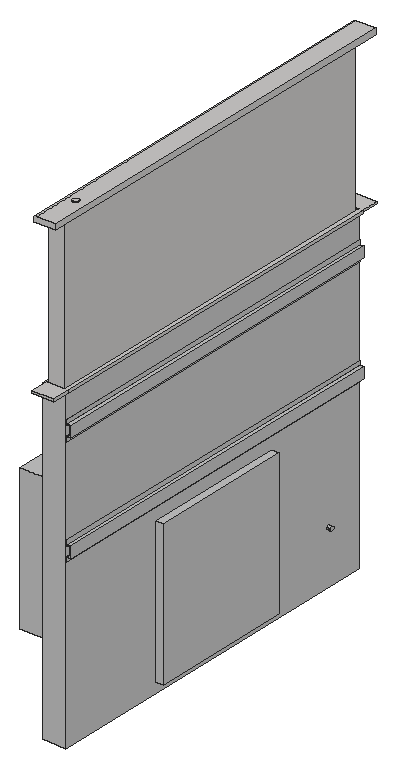
Revit family "FP_Revit_18_HC36_Downdraft_90001868A", category Specialty Equipment, Revit 2018
Family settings
  Round Connector Dimension = Use Radius
  Part Type = Normal
  OmniClass Number = 23.40.40.00
  OmniClass Title = Food Service Equipment and Furnishings
  Work Plane-Based = No
  Always vertical = Yes
  Cut with Voids When Loaded = Yes
  Shared = No
  Room Calculation Point = No
Parameters (values of type "HD36 without Blower")
  Visibility - Clearance Required = yes
  Visibility - Blower (HB600I) [instance] = yes
  URL = "www.fisherpaykel.com"
  Product - Width = 108 mm  # constant formula
  Product - Height (749mm - 1093mm) [instance] = 1093 mm
  Product - Depth = 922 mm  # constant formula
  Visibility - Outlet Front [instance] = no
  Visibility - Outlet Down [instance] = no
  Visibility - Outlet Back [instance] = yes
  Model = "HD36 Downdraft"
  Material - Trim = Fisher & Paykel - Stainless Steel
  Material - Body = Fisher & Paykel - Grey
  Manufacturer = "Fisher & Paykel Appliances"
  Keynote = ""
  FFL Offset [instance] = 915 mm
  Description = ""
  Countertop Thickness [instance] = 20 mm
  Connector Description - Extraction = "10” (254 mm) ducting, 1200 CFM"
  Connector Description - Electrical (Downdraft) = "120 V, 60 Hz, 15 Amp fused circuit"
  Connector Description - Electrical (Blower HBD600I) = "120 V, 60 Hz, 2.8 A"
  Chassis - Width = 54 mm  # constant formula
  Chassis - Height = 730 mm  # constant formula
  Chassis - Depth = 838 mm  # constant formula
  Cavity - Width = 343 mm  # constant formula
  Cavity - Depth = 851 mm  # constant formula
Types (5, lengths in mm): name | Visibility - Outlet Front | Visibility - Outlet Down | Visibility - Outlet Back | Model | Connector Description - Extraction
  (no name) | no | no | yes | "HD36 Downdraft" | "10” (254 mm) ducting, 1200 CFM"
  HD36 with Blower HBD600I (Outlet Down) | no | yes | no | "HD36 Downdraft with Internal Blower HBD600I" | "6” (152 mm) ducting, 600 CFM"
  HD36 with Blower HBD600I (Outlet Front) | yes | no | no | "HD36 Downdraft with Internal Blower HBD600I" | "6” (152 mm) ducting, 600 CFM"
  HD36 without Blower | no | no | yes | "HD36 Downdraft" | "10” (254 mm) ducting, 1200 CFM"
  HD36 with Blower HBD600I (Outlet Back) | no | no | yes | "HD36 Downdraft with Internal Blower HBD600I" | "6” (152 mm) ducting, 600 CFM"
Reference planes
  plane 1 "Datum": y = 0
  plane 2: z = 0
  plane 3 "Center (Left/Right)": x = 0
  plane 4 "Product - Front": x = -61.2
  plane 5 "Product - Back": x = 46.4
  plane 6 "Product - RHS": y = 461
  plane 7 "Cavity - Back": x = 52
  plane 8 "Cavity - RHS": y = 425.5
  plane 9 "Chassis - Front": x = -27
  plane 10 "Chassis - Back": x = 27
  plane 11 "Countertop": z = 915
  plane 12 "Product - LHS": y = -461
  plane 13 "Cavity - LHS": y = -425.5
  plane 14 "Up/Down": z = 1278
  plane 15 "Cooktop Glass": x = -17.5
  plane 16 "Cavity - Front": x = -291
  plane 17 "Bottom": z = 185
Forms (mm)
  Extrusion 1, solid, material "Fisher & Paykel - Grey" <- "Material - Body"
    sketch origin (0, 0, 0) x (1, 0, 0) y (0, 0, 1)
      loop
        line (27, 185) -> (27, 915) -> (-27, 915) -> (-27, 185) -> (27, 185)
    from -419 to 419
  Extrusion 2, solid, material "Fisher & Paykel - Grey" <- "Material - Body"
    sketch origin (0, 0, 0) x (1, 0, 0) y (0, 0, 1)
      loop
        line (27, 859.5) -> (27, 847.5) -> (35, 847.5) -> (35, 826.5) -> (27, 826.5) -> (27, 814.5) -> (29, 814.5) -> (29, 824.5) -> (37, 824.5) -> (37, 849.5) -> (29, 849.5) -> (29, 859.5) -> (27, 859.5)
      loop
        line (27, 612.5) -> (27, 600.5) -> (35, 600.5) -> (35, 579.5) -> (27, 579.5) -> (27, 567.5) -> (29, 567.5) -> (29, 577.5) -> (37, 577.5) -> (37, 602.5) -> (29, 602.5) -> (29, 612.5) -> (27, 612.5)
    from -419 to 419
  Extrusion 3, solid, material "Fisher & Paykel - Grey" <- "Material - Body"
    sketch origin (0, 0, 0) x (0, 1, 0) y (0, 0, 1)
      loop
        line (-165, 540) -> (-165, 210) -> (165, 210) -> (165, 540) -> (-165, 540)
    from 27 to 46.4
  Extrusion 4, solid, material "Fisher & Paykel - Grey" <- "Material - Body", detail levels fine
    sketch origin (229.237, 0, 0) x (0, 1, 0) y (0, 0, 1)
      loop
        line (259, 355) -> (259, 220) -> (394, 220) -> (394, 355) -> (259, 355)
      loop
        line (-184, 405) -> (-319, 405) -> (-319, 235) -> (-184, 235) -> (-184, 405)
    from -266.237 to -256.237
  Extrusion 5, solid, material "Fisher & Paykel - Grey" <- "Material - Body"
    sketch origin (229.237, 0, 0) x (0, 1, 0) y (0, 0, 1)
      loop
        line (165, 540) -> (-165, 540) -> (-165, 210) -> (165, 210) -> (165, 540)
      loop
        circle (0, 375) r 127.013
    from -273.437 to -256.237
  Extrusion 6, solid, material "Fisher & Paykel - Grey" <- "Material - Body"
    sketch origin (229.237, 0, 1000) x (0, 1, 0) y (0, 0, 1)
      loop
        circle (0, -625) r 127.013
      loop
        circle (0, -625) r 125
    from -290.437 to -273.437
  Extrusion 7, solid, material "Fisher & Paykel - Stainless Steel" <- "Material - Trim", detail levels medium+fine
    sketch origin (0, 0, 0) x (1, 0, 0) y (0, 1, 0)
      loop
        line (-17.5, -461) -> (32.5, -461) -> (32.5, -419) -> (34, -419) -> (34, 419) -> (32.5, 419) -> (32.5, 461) -> (-17.5, 461) -> (-17.5, 419) -> (25, 419) -> (25, -419) -> (-17.5, -419) -> (-17.5, -461)
    from 915 to 921
  Extrusion 8, solid, material "Fisher & Paykel - Stainless Steel" <- "Material - Trim"
    sketch origin (0, 0, 0) x (1, 0, 0) y (0, 1, 0)
      loop
        line (20.5, 413.5) -> (-17.5, 413.5) -> (-17.5, -413.5) -> (20.5, -413.5) -> (20.5, 413.5)
    from 185 to 1265
  Extrusion 9, solid, material "Fisher & Paykel - Stainless Steel" <- "Material - Trim"
    sketch origin (0, 0, 0) x (1, 0, 0) y (0, 0, 1)
      loop
        line (33.5, 1265) -> (33.5, 1278) -> (-10.549, 1278)
        arc (-10.549, 1278) -> (-15.464, 1275.964) -> (-17.5, 1271.049) r 6.951
        line (-17.5, 1271.049) -> (-17.5, 1265) -> (33.5, 1265)
    from -457 to 457
  Extrusion 10, void
    sketch origin (0, 0, 0) x (0, 1, 0) y (0, 0, 1)
      loop
        line (-391.5, 1250) -> (-391.5, 930) -> (391.5, 930) -> (391.5, 1250) -> (-391.5, 1250)
    from -17.5 to -16.5
  Extrusion 11, void
    sketch origin (229.237, 0, 0) x (0, 1, 0) y (0, 0, 1)
      loop
        line (380.5, 1091.5) -> (380.5, 1201.5)
        arc (380.5, 1201.5) -> (375.5, 1206.5) -> (370.5, 1201.5) r 5
        line (370.5, 1201.5) -> (370.5, 1091.5)
        arc (370.5, 1091.5) -> (375.5, 1086.5) -> (380.5, 1091.5) r 5
      loop
        line (356.5, 1091.5) -> (356.5, 1201.5)
        arc (356.5, 1201.5) -> (351.5, 1206.5) -> (346.5, 1201.5) r 5
        line (346.5, 1201.5) -> (346.5, 1091.5)
        arc (346.5, 1091.5) -> (351.5, 1086.5) -> (356.5, 1091.5) r 5
      loop
        line (332.5, 1091.5) -> (332.5, 1201.5)
        arc (332.5, 1201.5) -> (327.5, 1206.5) -> (322.5, 1201.5) r 5
        line (322.5, 1201.5) -> (322.5, 1091.5)
        arc (322.5, 1091.5) -> (327.5, 1086.5) -> (332.5, 1091.5) r 5
      loop
        line (308.5, 1091.5) -> (308.5, 1201.5)
        arc (308.5, 1201.5) -> (303.5, 1206.5) -> (298.5, 1201.5) r 5
        line (298.5, 1201.5) -> (298.5, 1091.5)
        arc (298.5, 1091.5) -> (303.5, 1086.5) -> (308.5, 1091.5) r 5
      loop
        line (260.5, 1091.5) -> (260.5, 1201.5)
        arc (260.5, 1201.5) -> (255.5, 1206.5) -> (250.5, 1201.5) r 5
        line (250.5, 1201.5) -> (250.5, 1091.5)
        arc (250.5, 1091.5) -> (255.5, 1086.5) -> (260.5, 1091.5) r 5
      loop
        line (236.5, 1091.5) -> (236.5, 1201.5)
        arc (236.5, 1201.5) -> (231.5, 1206.5) -> (226.5, 1201.5) r 5
        line (226.5, 1201.5) -> (226.5, 1091.5)
        arc (226.5, 1091.5) -> (231.5, 1086.5) -> (236.5, 1091.5) r 5
      loop
        line (212.5, 1091.5) -> (212.5, 1201.5)
        arc (212.5, 1201.5) -> (207.5, 1206.5) -> (202.5, 1201.5) r 5
        line (202.5, 1201.5) -> (202.5, 1091.5)
        arc (202.5, 1091.5) -> (207.5, 1086.5) -> (212.5, 1091.5) r 5
      loop
        line (188.5, 1091.5) -> (188.5, 1201.5)
        arc (188.5, 1201.5) -> (183.5, 1206.5) -> (178.5, 1201.5) r 5
        line (178.5, 1201.5) -> (178.5, 1091.5)
        arc (178.5, 1091.5) -> (183.5, 1086.5) -> (188.5, 1091.5) r 5
      loop
        line (284.5, 1091.5) -> (284.5, 1201.5)
        arc (284.5, 1201.5) -> (279.5, 1206.5) -> (274.5, 1201.5) r 5
        line (274.5, 1201.5) -> (274.5, 1091.5)
        arc (274.5, 1091.5) -> (279.5, 1086.5) -> (284.5, 1091.5) r 5
      loop
        line (164.5, 1091.5) -> (164.5, 1201.5)
        arc (164.5, 1201.5) -> (159.5, 1206.5) -> (154.5, 1201.5) r 5
        line (154.5, 1201.5) -> (154.5, 1091.5)
        arc (154.5, 1091.5) -> (159.5, 1086.5) -> (164.5, 1091.5) r 5
      loop
        line (140.5, 1091.5) -> (140.5, 1201.5)
        arc (140.5, 1201.5) -> (135.5, 1206.5) -> (130.5, 1201.5) r 5
        line (130.5, 1201.5) -> (130.5, 1091.5)
        arc (130.5, 1091.5) -> (135.5, 1086.5) -> (140.5, 1091.5) r 5
      loop
        line (92.5, 1091.5) -> (92.5, 1201.5)
        arc (92.5, 1201.5) -> (87.5, 1206.5) -> (82.5, 1201.5) r 5
        line (82.5, 1201.5) -> (82.5, 1091.5)
        arc (82.5, 1091.5) -> (87.5, 1086.5) -> (92.5, 1091.5) r 5
      loop
        line (68.5, 1091.5) -> (68.5, 1201.5)
        arc (68.5, 1201.5) -> (63.5, 1206.5) -> (58.5, 1201.5) r 5
        line (58.5, 1201.5) -> (58.5, 1091.5)
        arc (58.5, 1091.5) -> (63.5, 1086.5) -> (68.5, 1091.5) r 5
      loop
        line (44.5, 1091.5) -> (44.5, 1201.5)
        arc (44.5, 1201.5) -> (39.5, 1206.5) -> (34.5, 1201.5) r 5
        line (34.5, 1201.5) -> (34.5, 1091.5)
        arc (34.5, 1091.5) -> (39.5, 1086.5) -> (44.5, 1091.5) r 5
      loop
        line (20.5, 1091.5) -> (20.5, 1201.5)
        arc (20.5, 1201.5) -> (15.5, 1206.5) -> (10.5, 1201.5) r 5
        line (10.5, 1201.5) -> (10.5, 1091.5)
        arc (10.5, 1091.5) -> (15.5, 1086.5) -> (20.5, 1091.5) r 5
      loop
        line (116.5, 1091.5) -> (116.5, 1201.5)
        arc (116.5, 1201.5) -> (111.5, 1206.5) -> (106.5, 1201.5) r 5
        line (106.5, 1201.5) -> (106.5, 1091.5)
        arc (106.5, 1091.5) -> (111.5, 1086.5) -> (116.5, 1091.5) r 5
      loop
        arc (-380.5, 1091.5) -> (-375.5, 1086.5) -> (-370.5, 1091.5) r 5
        line (-370.5, 1091.5) -> (-370.5, 1201.5)
        arc (-370.5, 1201.5) -> (-375.5, 1206.5) -> (-380.5, 1201.5) r 5
        line (-380.5, 1201.5) -> (-380.5, 1091.5)
      loop
        arc (-356.5, 1091.5) -> (-351.5, 1086.5) -> (-346.5, 1091.5) r 5
        line (-346.5, 1091.5) -> (-346.5, 1201.5)
        arc (-346.5, 1201.5) -> (-351.5, 1206.5) -> (-356.5, 1201.5) r 5
        line (-356.5, 1201.5) -> (-356.5, 1091.5)
      loop
        arc (-332.5, 1091.5) -> (-327.5, 1086.5) -> (-322.5, 1091.5) r 5
        line (-322.5, 1091.5) -> (-322.5, 1201.5)
        arc (-322.5, 1201.5) -> (-327.5, 1206.5) -> (-332.5, 1201.5) r 5
        line (-332.5, 1201.5) -> (-332.5, 1091.5)
      loop
        arc (-308.5, 1091.5) -> (-303.5, 1086.5) -> (-298.5, 1091.5) r 5
        line (-298.5, 1091.5) -> (-298.5, 1201.5)
        arc (-298.5, 1201.5) -> (-303.5, 1206.5) -> (-308.5, 1201.5) r 5
        line (-308.5, 1201.5) -> (-308.5, 1091.5)
      loop
        arc (-260.5, 1091.5) -> (-255.5, 1086.5) -> (-250.5, 1091.5) r 5
        line (-250.5, 1091.5) -> (-250.5, 1201.5)
        arc (-250.5, 1201.5) -> (-255.5, 1206.5) -> (-260.5, 1201.5) r 5
        line (-260.5, 1201.5) -> (-260.5, 1091.5)
      loop
        arc (-236.5, 1091.5) -> (-231.5, 1086.5) -> (-226.5, 1091.5) r 5
        line (-226.5, 1091.5) -> (-226.5, 1201.5)
        arc (-226.5, 1201.5) -> (-231.5, 1206.5) -> (-236.5, 1201.5) r 5
        line (-236.5, 1201.5) -> (-236.5, 1091.5)
      loop
        arc (-212.5, 1091.5) -> (-207.5, 1086.5) -> (-202.5, 1091.5) r 5
        line (-202.5, 1091.5) -> (-202.5, 1201.5)
        arc (-202.5, 1201.5) -> (-207.5, 1206.5) -> (-212.5, 1201.5) r 5
        line (-212.5, 1201.5) -> (-212.5, 1091.5)
      loop
        arc (-188.5, 1091.5) -> (-183.5, 1086.5) -> (-178.5, 1091.5) r 5
        line (-178.5, 1091.5) -> (-178.5, 1201.5)
        arc (-178.5, 1201.5) -> (-183.5, 1206.5) -> (-188.5, 1201.5) r 5
        line (-188.5, 1201.5) -> (-188.5, 1091.5)
      loop
        arc (-284.5, 1091.5) -> (-279.5, 1086.5) -> (-274.5, 1091.5) r 5
        line (-274.5, 1091.5) -> (-274.5, 1201.5)
        arc (-274.5, 1201.5) -> (-279.5, 1206.5) -> (-284.5, 1201.5) r 5
        line (-284.5, 1201.5) -> (-284.5, 1091.5)
      loop
        arc (-164.5, 1091.5) -> (-159.5, 1086.5) -> (-154.5, 1091.5) r 5
        line (-154.5, 1091.5) -> (-154.5, 1201.5)
        arc (-154.5, 1201.5) -> (-159.5, 1206.5) -> (-164.5, 1201.5) r 5
        line (-164.5, 1201.5) -> (-164.5, 1091.5)
      loop
        arc (-140.5, 1091.5) -> (-135.5, 1086.5) -> (-130.5, 1091.5) r 5
        line (-130.5, 1091.5) -> (-130.5, 1201.5)
        arc (-130.5, 1201.5) -> (-135.5, 1206.5) -> (-140.5, 1201.5) r 5
        line (-140.5, 1201.5) -> (-140.5, 1091.5)
      loop
        arc (-92.5, 1091.5) -> (-87.5, 1086.5) -> (-82.5, 1091.5) r 5
        line (-82.5, 1091.5) -> (-82.5, 1201.5)
        arc (-82.5, 1201.5) -> (-87.5, 1206.5) -> (-92.5, 1201.5) r 5
        line (-92.5, 1201.5) -> (-92.5, 1091.5)
      loop
        arc (-68.5, 1091.5) -> (-63.5, 1086.5) -> (-58.5, 1091.5) r 5
        line (-58.5, 1091.5) -> (-58.5, 1201.5)
        arc (-58.5, 1201.5) -> (-63.5, 1206.5) -> (-68.5, 1201.5) r 5
        line (-68.5, 1201.5) -> (-68.5, 1091.5)
      loop
        arc (-44.5, 1091.5) -> (-39.5, 1086.5) -> (-34.5, 1091.5) r 5
        line (-34.5, 1091.5) -> (-34.5, 1201.5)
        arc (-34.5, 1201.5) -> (-39.5, 1206.5) -> (-44.5, 1201.5) r 5
        line (-44.5, 1201.5) -> (-44.5, 1091.5)
      loop
        arc (-20.5, 1091.5) -> (-15.5, 1086.5) -> (-10.5, 1091.5) r 5
        line (-10.5, 1091.5) -> (-10.5, 1201.5)
        arc (-10.5, 1201.5) -> (-15.5, 1206.5) -> (-20.5, 1201.5) r 5
        line (-20.5, 1201.5) -> (-20.5, 1091.5)
      loop
        arc (-116.5, 1091.5) -> (-111.5, 1086.5) -> (-106.5, 1091.5) r 5
        line (-106.5, 1091.5) -> (-106.5, 1201.5)
        arc (-106.5, 1201.5) -> (-111.5, 1206.5) -> (-116.5, 1201.5) r 5
        line (-116.5, 1201.5) -> (-116.5, 1091.5)
    from -246.737 to -229.237
  Extrusion 12, solid, material "Fisher & Paykel - Grey" <- "Material - Body"
    sketch origin (0, 0, 0) x (0, 1, 0) y (0, 0, 1)
      loop
        circle (329, 310) r 4
    from 27 to 37
  Extrusion 13, solid, material "Fisher & Paykel - Grey"
    sketch origin (0, 0, 0) x (1, 0, 0) y (0, 1, 0)
      loop
        circle (8, -367) r 7
    from 1265 to 1278
  Extrusion 14, solid, material "Fisher & Paykel - Stainless Steel" <- "Material - Trim", detail levels fine
    sketch origin (0, 0, 0) x (1, 0, 0) y (0, 1, 0)
      loop
        circle (8, -367) r 6.7
    from 1265 to 1278
  Extrusion 15, solid, material "Fisher & Paykel - Clearance Required (Cutout)", detail levels coarse
    sketch origin (-161.164, 0, 0) x (1, 0, 0) y (0, 0, 1)
      loop
        line (-129.836, 895) -> (-129.836, 0) -> (213.164, 0) -> (213.164, 895) -> (-129.836, 895)
    from -425.5 to 425.5
  Extrusion 16, solid, material "Fisher & Paykel - Grey" <- "Material - Body", visible <- "Visibility - Blower (HB600I)", detail levels medium+fine
    sketch origin (202.237, 0, 375) x (0, 1, 0) y (0, 0, 1)
      loop
        line (182.5, 182.5) -> (-182.5, 182.5) -> (-182.5, -182.5) -> (182.5, -182.5) -> (182.5, 182.5)
      loop
        line (165, 165) -> (-165, 165) -> (-165, -165) -> (165, -165) -> (165, 165)
    from -231.237 to -229.237
  Extrusion 17, solid, material "Fisher & Paykel - Grey" <- "Material - Body", visible <- "Visibility - Blower (HB600I)"
    sketch origin (202.237, 0, 375) x (0, 1, 0) y (0, 0, 1)
      loop
        line (165, 165) -> (-165, 165) -> (-165, -165) -> (165, -165) -> (165, 165)
    from -483.237 to -231.237
  Extrusion 18, solid, material "Fisher & Paykel - Grey" <- "Material - Body", visible <- "Visibility - Outlet Front"
    sketch origin (-27, 0, 375) x (1, 0, 0) y (0, 0, 1)
      loop
        circle (-149.905, 0) r 75
      loop
        circle (-149.905, 0) r 74
    from 165 to 227.5
  Extrusion 19, solid, material "Fisher & Paykel - Grey" <- "Material - Body", visible <- "Visibility - Blower (HB600I)"
    sketch origin (-27, -0.716, 375) x (1, 0, 0) y (0, 0, 1)
      loop
        circle (-149.905, 0) r 3.5
    from -1.716 to -0.716
  Extrusion 20, solid, material "Fisher & Paykel - Grey" <- "Material - Body", visible <- "Visibility - Outlet Back"
    sketch origin (-27, 0, 375) x (1, 0, 0) y (0, 0, -1)
      loop
        circle (-149.905, 0) r 75
      loop
        circle (-149.905, 0) r 74
    from 165 to 227.5
  Extrusion 21, solid, material "Fisher & Paykel - Grey" <- "Material - Body", visible <- "Visibility - Outlet Down"
    sketch origin (-27, 0, 375) x (1, 0, 0) y (0, 1, 0)
      loop
        circle (-149.905, 0) r 75
      loop
        circle (-149.905, 0) r 74
    from -227.5 to -165
  Extrusion 22, solid, material "Fisher & Paykel - Grey" <- "Material - Body", visible <- "Visibility - Blower (HB600I)", not visible, detail levels medium+fine
    sketch origin (202.237, 0, 375) x (0, 1, 0) y (0, 0, 1)
      loop
        line (182.5, 182.5) -> (-182.5, 182.5) -> (-182.5, -182.5) -> (182.5, -182.5) -> (182.5, 182.5)
      loop
        line (165, 165) -> (-165, 165) -> (-165, -165) -> (165, -165) -> (165, 165)
    from -231.237 to -229.237
  Extrusion 23, solid, material "Fisher & Paykel - Grey" <- "Material - Body", visible <- "Visibility - Blower (HB600I)", not visible
    sketch origin (202.237, 0, 375) x (0, 1, 0) y (0, 0, 1)
      loop
        line (165, 165) -> (-165, 165) -> (-165, -165) -> (165, -165) -> (165, 165)
    from -483.237 to -231.237
  Extrusion 24, solid, material "Fisher & Paykel - Grey" <- "Material - Body", visible <- "Visibility - Outlet Front", not visible
    sketch origin (-27, 0, 375) x (1, 0, 0) y (0, 0, 1)
      loop
        circle (-149.905, 0) r 75
      loop
        circle (-149.905, 0) r 74
    from 165 to 227.5
  Extrusion 25, solid, material "Fisher & Paykel - Grey" <- "Material - Body", visible <- "Visibility - Blower (HB600I)", not visible
    sketch origin (-27, -0.716, 375) x (1, 0, 0) y (0, 0, 1)
      loop
        circle (-149.905, 0) r 3.5
    from -1.716 to -0.716
  Extrusion 26, solid, material "Fisher & Paykel - Grey" <- "Material - Body", visible <- "Visibility - Outlet Back", not visible
    sketch origin (-27, 0, 375) x (1, 0, 0) y (0, 0, -1)
      loop
        circle (-149.905, 0) r 75
      loop
        circle (-149.905, 0) r 74
    from 165 to 227.5
  Extrusion 27, solid, material "Fisher & Paykel - Grey" <- "Material - Body", visible <- "Visibility - Outlet Down", not visible
    sketch origin (-27, 0, 375) x (1, 0, 0) y (0, 1, 0)
      loop
        circle (-149.905, 0) r 75
      loop
        circle (-149.905, 0) r 74
    from -227.5 to -165
  Extrusion 28, void
    sketch origin (-161.164, 0, 0) x (1, 0, 0) y (0, 0, 1)
      loop
        line (-129.836, 895) -> (-129.836, 0) -> (213.164, 0) -> (213.164, 895) -> (-129.836, 895)
    from -425.5 to 425.5
Cuts and joins
  Extrusion 10, Extrusion 11 cuts Extrusion 8
Text (mm)
  text "Due to ongoing product development, product details are subject to change without notice. \nPlease always refer to www.fisherpaykel.com for the most current product information. \n© Fisher & Paykel 2020" at (46.228, -926.278, 0), in view "Ref. Level (Plan)"
Dimensions and locks
  equal spacing: plane 9 "Chassis - Front", plane 3 "Center (Left/Right)", plane 10 "Chassis - Back"
  locked: plane 11 "Countertop" to Extrusion 12 sketch curve at 605
  locked: plane 11 "Countertop" to Extrusion 3 sketch curve at 705
  locked: Extrusion 3 sketch curve to plane 11 "Countertop" at 375
  locked: plane 11 "Countertop" to Extrusion 4 sketch curve at 560
  locked: Extrusion 4 sketch curve to plane 11 "Countertop" at 695
  locked: Extrusion 4 sketch curve to plane 11 "Countertop" at 510
  locked: plane 11 "Countertop" to Extrusion 4 sketch curve at 680
  locked: plane 11 "Countertop" to Extrusion 1 at 730
  locked: plane 11 "Countertop" to Extrusion 3 at 375  (x2)
  locked: Extrusion 3 to plane 11 "Countertop" at 705
  locked: plane 11 "Countertop" to Extrusion 3 at 705
  locked: plane 11 "Countertop" to Extrusion 6 sketch curve at 540
  locked: Extrusion 10 sketch curve to plane 14 "Up/Down" at 28
  locked: Extrusion 10 sketch curve to plane 14 "Up/Down" at 348
  locked: plane 11 "Countertop" to Extrusion 5 sketch curve at 540
  locked: plane 11 "Countertop" to Extrusion 5 at 375
  locked: plane 11 "Countertop" to Extrusion 5 at 705
  equal spacing: plane 6 "Product - RHS", plane 1 "Datum", plane 12 "Product - LHS"
  equal spacing: plane 13 "Cavity - LHS", plane 1 "Datum", plane 8 "Cavity - RHS"
  Extrusion 15 sketch curve to Extrusion 1 = 264 mm
  locked: plane 3 "Center (Left/Right)" to plane 5 "Product - Back" at 46.4
  "Countertop Thickness": plane 11 "Countertop" to Extrusion 15
  "FFL Offset": plane 11 "Countertop" to level
  locked: plane 7 "Cavity - Back" to Extrusion 1 at 25
  locked: plane 4 "Product - Front" to plane 3 "Center (Left/Right)" at 61.2
  Extrusion 16 to Extrusion 16 = 365 mm
  Extrusion 17 to Extrusion 17 = 330 mm
  locked: Extrusion 21 to Extrusion 17 at 62.5
  locked: Extrusion 17 to plane 9 "Chassis - Front" at 254
  locked: plane 16 "Cavity - Front" to Extrusion 17 at 10
  locked: plane 11 "Countertop" to Extrusion 17 at 375
  locked: Extrusion 11 sketch curve to plane 14 "Up/Down" at 76.5  (x2)
  locked: Extrusion 11 sketch curve to plane 14 "Up/Down" at 186.5  (x2)
  locked: Extrusion 7 to plane 11 "Countertop" at 6
  locked: plane 14 "Up/Down" to Extrusion 9 at 13
  "Product - Height (749mm - 1093mm)": plane 14 "Up/Down" to plane 17 "Bottom"
  "Chassis - Height": plane 11 "Countertop" to plane 17 "Bottom"
  "Product - Depth": plane 12 "Product - LHS" to plane 6 "Product - RHS"
  "Cavity - Width": plane 16 "Cavity - Front" to plane 7 "Cavity - Back"
  "Chassis - Depth": Extrusion 7 to Extrusion 7
  "Chassis - Width": plane 9 "Chassis - Front" to plane 10 "Chassis - Back"
  plane 4 "Product - Front" to plane 5 "Product - Back" = 107.6 mm
  "Cavity - Depth": plane 13 "Cavity - LHS" to plane 8 "Cavity - RHS"
  aligned and locked: level to plane 2
  aligned and locked: Extrusion 3 to plane 10 "Chassis - Back"
  aligned and locked: Extrusion 4 to plane 9 "Chassis - Front"
  aligned and locked: Extrusion 5 to plane 9 "Chassis - Front"
  aligned and locked: plane 4 "Product - Front" to Extrusion 6
  aligned and locked: Extrusion 6 to Extrusion 5
  aligned and locked: Extrusion 7 to plane 11 "Countertop"
  aligned and locked: cut or joined group of Extrusion 8, Extrusion 10, Extrusion 11 to cut or joined group of Extrusion 8, Extrusion 10, Extrusion 11
  aligned and locked: cut or joined group of Extrusion 8, Extrusion 10, Extrusion 11 to Extrusion 11
  aligned and locked: Extrusion 12 to plane 10 "Chassis - Back"
  aligned and locked: plane 14 "Up/Down" to Extrusion 9
  aligned and locked: plane 11 "Countertop" to Extrusion 1
  aligned and locked: plane 2 to Extrusion 15 sketch curve
  aligned and locked: Extrusion 17 to Extrusion 16
  aligned and locked: Extrusion 18 to Extrusion 17
  aligned and locked: Extrusion 16 sketch curve to Extrusion 17  (x4)
  aligned and locked: Extrusion 20 to Extrusion 17
  aligned and locked: Extrusion 21 to Extrusion 17
  aligned and locked: Extrusion 16 to Extrusion 1
  aligned and locked: Extrusion 22 sketch curve to Extrusion 23  (x4)
  aligned and locked: Extrusion 28 to Extrusion 15  (x2)
  aligned and locked: Extrusion 28 to plane 7 "Cavity - Back"
  aligned and locked: Extrusion 28 to level
  aligned and locked: Extrusion 1 to Extrusion 8
  aligned and locked: cut or joined group of Extrusion 8, Extrusion 10, Extrusion 11 to Extrusion 9
  aligned and locked: Extrusion 14 to plane 14 "Up/Down"
  aligned and locked: Extrusion 13 to plane 14 "Up/Down"
  aligned and locked: Extrusion 9 to Extrusion 14
  aligned and locked: Extrusion 9 to Extrusion 13
  aligned and locked: Extrusion 1 to plane 17 "Bottom"
Automatic sketch dimensions
  Extrusion 16 sketch curve to Extrusion 16 sketch curve = 17.5 mm  (x4)
  Extrusion 17 sketch curve to Extrusion 17 sketch curve = 330 mm  (x2)
  Extrusion 18 sketch curve to Extrusion 18 sketch curve = 0 mm  (x4)
  Extrusion 20 sketch curve to Extrusion 20 sketch curve = 0 mm  (x4)
  Extrusion 21 sketch curve to Extrusion 21 sketch curve = 0 mm  (x4)
  Extrusion 22 sketch curve to Extrusion 22 sketch curve = 17.5 mm  (x4)
  Extrusion 23 sketch curve to Extrusion 23 sketch curve = 330 mm  (x2)
  Extrusion 24 sketch curve to Extrusion 24 sketch curve = 0 mm  (x4)
  Extrusion 26 sketch curve to Extrusion 26 sketch curve = 0 mm  (x4)
  Extrusion 27 sketch curve to Extrusion 27 sketch curve = 0 mm  (x4)
  Extrusion 1 sketch curve to plane 9 "Chassis - Front" = 0 mm
  plane 10 "Chassis - Back" to Extrusion 1 sketch curve = 0 mm
  Extrusion 1 sketch curve to plane 11 "Countertop" = 0 mm
  level to Extrusion 1 sketch curve = 185 mm
  Extrusion 2 sketch curve to plane 10 "Chassis - Back" = 0 mm  (x4)
  plane 10 "Chassis - Back" to Extrusion 2 sketch curve = 2 mm  (x4)
  Extrusion 2 sketch curve to Extrusion 2 sketch curve = 6 mm  (x2)
  Extrusion 2 sketch curve to Extrusion 2 sketch curve = 2 mm  (x6)
  Extrusion 2 sketch curve to plane 11 "Countertop" = 347.5 mm
  Extrusion 2 sketch curve to Extrusion 2 sketch curve = 10 mm  (x4)
  Extrusion 2 sketch curve to Extrusion 2 sketch curve = 21 mm  (x2)
  Extrusion 2 sketch curve to plane 11 "Countertop" = 100.5 mm
  plane 1 "Datum" to Extrusion 3 sketch curve = 165 mm
  Extrusion 3 sketch curve to plane 1 "Datum" = 165 mm
  plane 13 "Cavity - LHS" to Extrusion 4 sketch curve = 106.5 mm
  Extrusion 4 sketch curve to Extrusion 4 sketch curve = 135 mm
  plane 8 "Cavity - RHS" to Extrusion 4 sketch curve = 166.5 mm
  plane 8 "Cavity - RHS" to Extrusion 4 sketch curve = 31.5 mm
  Extrusion 5 sketch curve to plane 1 "Datum" = 0 mm
  plane 1 "Datum" to Extrusion 5 sketch curve = 165 mm
  Extrusion 5 sketch curve to plane 1 "Datum" = 165 mm
  level to Extrusion 5 sketch curve = 210 mm
  Extrusion 5 sketch curve to Extrusion 5 sketch curve = 165 mm
  Extrusion 6 sketch curve to Extrusion 6 sketch curve = 0 mm  (x2)
  Extrusion 6 sketch curve to plane 1 "Datum" = 0 mm
  plane 12 "Product - LHS" to Extrusion 7 sketch curve = 0 mm
  Extrusion 7 sketch curve to plane 15 "Cooktop Glass" = 0 mm  (x2)
  Extrusion 7 sketch curve to plane 6 "Product - RHS" = 0 mm
  Extrusion 7 sketch curve to plane 10 "Chassis - Back" = 2 mm
  plane 10 "Chassis - Back" to Extrusion 7 sketch curve = 5.5 mm  (x2)
  Extrusion 7 sketch curve to Extrusion 7 sketch curve = 1.5 mm
  plane 13 "Cavity - LHS" to Extrusion 7 sketch curve = 6.5 mm  (x2)
  plane 8 "Cavity - RHS" to Extrusion 7 sketch curve = 6.5 mm  (x2)
  Extrusion 8 sketch curve to plane 15 "Cooktop Glass" = 0 mm
  Extrusion 8 sketch curve to plane 10 "Chassis - Back" = 6.5 mm
  plane 13 "Cavity - LHS" to Extrusion 8 sketch curve = 12 mm
  plane 8 "Cavity - RHS" to Extrusion 8 sketch curve = 12 mm
  Extrusion 9 sketch curve to plane 15 "Cooktop Glass" = 0 mm
  Extrusion 9 sketch curve to plane 14 "Up/Down" = 0 mm
  plane 15 "Cooktop Glass" to Extrusion 9 sketch curve = 6.951 mm
  plane 10 "Chassis - Back" to Extrusion 9 sketch curve = 6.5 mm
  Extrusion 9 sketch curve to Extrusion 9 sketch curve = 13 mm
  plane 13 "Cavity - LHS" to Extrusion 10 sketch curve = 34 mm
  plane 8 "Cavity - RHS" to Extrusion 10 sketch curve = 34 mm
  plane 13 "Cavity - LHS" to Extrusion 11 sketch curve = 45 mm
  Extrusion 11 sketch curve to Extrusion 11 sketch curve = 5 mm  (x32)
  Extrusion 11 sketch curve to Extrusion 11 sketch curve = 14 mm  (x30)
  Extrusion 11 sketch curve to plane 1 "Datum" = 10.5 mm
  Extrusion 11 sketch curve to Extrusion 11 sketch curve = 0 mm  (x58)
  plane 14 "Up/Down" to Extrusion 11 sketch curve = 76.5 mm  (x2)
  plane 8 "Cavity - RHS" to Extrusion 12 sketch curve = 96.5 mm
  plane 3 "Center (Left/Right)" to Extrusion 13 sketch curve = 8 mm
  plane 13 "Cavity - LHS" to Extrusion 13 sketch curve = 58.5 mm
  plane 3 "Center (Left/Right)" to Extrusion 14 sketch curve = 8 mm
  plane 13 "Cavity - LHS" to Extrusion 14 sketch curve = 58.5 mm
  plane 7 "Cavity - Back" to Extrusion 15 sketch curve = 0 mm
  Extrusion 15 sketch curve to plane 11 "Countertop" = 20 mm
  Extrusion 28 sketch curve to level = 0 mm
  Extrusion 28 sketch curve to plane 16 "Cavity - Front" = 0 mm
  plane 7 "Cavity - Back" to Extrusion 28 sketch curve = 0 mm
  Extrusion 28 sketch curve to plane 11 "Countertop" = 20 mm
  radius of Extrusion 18 sketch curve = 75 mm
  radius of Extrusion 18 sketch curve = 74 mm
  radius of Extrusion 19 sketch curve = 3.5 mm
  radius of Extrusion 20 sketch curve = 75 mm
  radius of Extrusion 20 sketch curve = 74 mm
  radius of Extrusion 21 sketch curve = 75 mm
  radius of Extrusion 21 sketch curve = 74 mm
  radius of Extrusion 24 sketch curve = 75 mm
  radius of Extrusion 24 sketch curve = 74 mm
  radius of Extrusion 25 sketch curve = 3.5 mm
  radius of Extrusion 26 sketch curve = 75 mm
  radius of Extrusion 26 sketch curve = 74 mm
  radius of Extrusion 27 sketch curve = 75 mm
  radius of Extrusion 27 sketch curve = 74 mm
  radius of Extrusion 5 sketch curve = 127.013 mm
  radius of Extrusion 6 sketch curve = 127.013 mm
  radius of Extrusion 6 sketch curve = 125 mm
  radius of Extrusion 12 sketch curve = 4 mm
  radius of Extrusion 13 sketch curve = 7 mm
  radius of Extrusion 14 sketch curve = 6.7 mm
Connectors
  hvac at (-61.2, 0, 375), driven by "Connector Description - Extraction"
    settings: on Extrusion 6, index 1, duct flow 0.0 L/s, flow factor 0, pres drop 0.0 Pa, loss coef 0, conn angle 0.00°, conn width 304.8 mm, conn height 304.8 mm, conn diameter 254 mm, duct sys type 4, conn prof type 0, flow config 0, flow direction 2, loss method 0, conn ref index -1, conn util no, is conn primary yes, conn desc "10” (254 mm) ducting, 1200 CFM"
  hvac at (-176.905, -227.5, 375), driven by "Connector Description - Extraction"
    settings: on Extrusion 18, index 2, duct flow 0.0 L/s, flow factor 0, pres drop 0.0 Pa, loss coef 0, conn angle 0.00°, conn width 304.8 mm, conn height 304.8 mm, conn diameter 150 mm, duct sys type 4, conn prof type 0, flow config 0, flow direction 2, loss method 0, conn ref index -1, conn util no, is conn primary no, conn desc "10” (254 mm) ducting, 1200 CFM"
  hvac at (-176.905, 227.5, 375), driven by "Connector Description - Extraction"
    settings: on Extrusion 20, index 3, duct flow 0.0 L/s, flow factor 0, pres drop 0.0 Pa, loss coef 0, conn angle 0.00°, conn width 304.8 mm, conn height 304.8 mm, conn diameter 150 mm, duct sys type 4, conn prof type 0, flow config 0, flow direction 2, loss method 0, conn ref index -1, conn util no, is conn primary no, conn desc "10” (254 mm) ducting, 1200 CFM"
  hvac at (-176.905, 0, 147.5), driven by "Connector Description - Extraction"
    settings: on Extrusion 21, index 4, duct flow 0.0 L/s, flow factor 0, pres drop 0.0 Pa, loss coef 0, conn angle 0.00°, conn width 304.8 mm, conn height 304.8 mm, conn diameter 150 mm, duct sys type 4, conn prof type 0, flow config 0, flow direction 2, loss method 0, conn ref index -1, conn util no, is conn primary no, conn desc "10” (254 mm) ducting, 1200 CFM"
  electrical at (37, 329, 310), driven by "Connector Description - Electrical (Downdraft)"
    settings: on Extrusion 12, index 5, voltage 120 V, apparent load 0 VA, apparent load phase1 0 VA, apparent load phase2 0 VA, apparent load phase3 0 VA, power factor 1, load classification "Other", number of poles 1, system type 30, power factor state 1, is connector primary yes, connector utility no, sub classification motor no, connector description "120 V, 60 Hz, 15 Amp fused circuit"
  electrical at (-176.905, 1, 375), driven by "Connector Description - Electrical (Blower HBD600I)"
    settings: on Extrusion 19, index 6, voltage 120 V, apparent load 0 VA, apparent load phase1 0 VA, apparent load phase2 0 VA, apparent load phase3 0 VA, power factor 1, load classification "Other", number of poles 1, system type 30, power factor state 1, is connector primary no, connector utility no, sub classification motor no, connector description "120 V, 60 Hz, 2.8 A"
